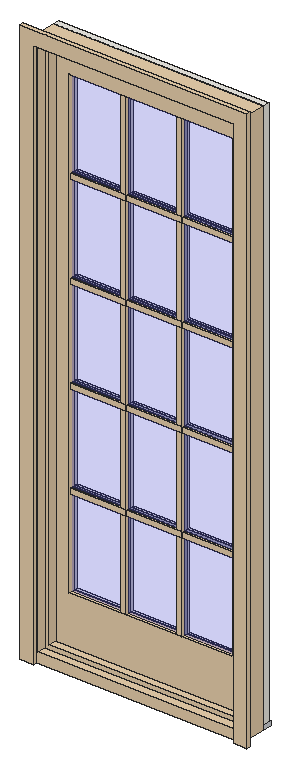
Revit family "Door-Inswing-Andersen-A_Series-Sidelight 2", category Doors, host Wall, Revit 2013
Parameters
  Visual Light Transmittance = 0.34  # constant formula
  Type Comments = "Fiberglass-clad and Flexacron finished wood sidelight"  # constant formula
  Thermal Resistance (R) = 0.58703  # 3.3333 (h·ft²·°F)/BTU
  Solar Heat Gain Coefficient = 0.15  # constant formula
  Rough Width = Width + (Rough Opening Offset * 2)  # 3' - 0 3/4"
  Rough Height = if(1 > 0, Height + 0' 0 1/2", 0' 0")  # 8' - 0 1/2"
  Learn About These Parameters = "http://www.andersenwindows.com/for-professionals/cad-symbols-bim-support-window-doors/bim-support"
  Heat Transfer Coefficient (U) = 1.7035  # 0.3000 BTU/(h·ft²·°F)
  Grille Bar Sizes = "3/4'', 7/8'', 1 1/8'', 2 1/4''"  # constant formula
  Between Glass Grille Bar Sizes = "3/4'', 1''"  # constant formula
  Interior Trim Visibility = yes
  Grille Bar Size = 0' - 0 7/8"
  Enter Pattern Number = 1
  Analytic Construction = "<None>"
  ..Pattern Number 1 = "Colonial"  # constant formula
  . . Lights Wide = 3
  . . Lights High = 5
  ..Pattern Number 2 = "Modified Colonial"  # constant formula
  ..Pattern Number 3 = "Prairie"  # constant formula
  ..Pattern Number 4 = "Short Fractional"  # constant formula
  ..Pattern Number 5 = "Tall Fractional"  # constant formula
  Extension Jamb Visibility = yes
  Enter Exterior Trim Number = 0
  ..Exterior Trim Number 0 = "No Exterior Trim"  # constant formula
  ..Exterior Trim Number 1 = "Brick Mould"  # constant formula
  ..Exterior Trim Number 2 = "3 1/2'' Flat Casing"  # constant formula
  ..Exterior Trim Number 3 = "4 1/2'' Flat Casing"  # constant formula
  Interior Grille Bar Visibility = yes
  Exterior Grille Bar Visibility = yes
  Between Glass Grille Bar Visibility = yes
  xjamb Visibility [instance] = and(Extension Jamb Visibility, Wall Depth > 0' 4 9/16")  # no
  xjamb S1 [instance] = if(Wall Depth < 0' 4 5/8", 0' 0 1/16", 0' 0")  # 0' - 0 1/16"
  casingS2 = if(Enter Exterior Trim Number = 1, 0' 0 3/16", 0' 0 3/16")  # 0' - 0 3/16"
  casingS1 = if(Enter Exterior Trim Number = 1, 0' 0 7/16", 0' 0 3/16")  # 0' - 0 3/16"
  casing4 = if(Enter Exterior Trim Number = 1, 0' 1 3/4", if(Enter Exterior Trim Number = 2, 0' 3 1/4", 0' 4 1/4"))  # 0' - 4 1/4"
  casing3 = 0' - 0 1/2"  # constant formula
  casing2 = 0' - 0 7/8"  # constant formula
  casing1 = 0' - 0 1/4"  # constant formula
  Wall Thickness [instance] = 0' - 8"
  Wall Depth [instance] = 0' - 4 9/16"
  Void Offset 1 [instance] = if(Enter Exterior Trim Number > 0, casing4, 0' 0")  # 0' - 0"
  Void Depth [instance] = if(Wall Thickness > Wall Depth, 0' 1" + Wall Thickness - Wall Depth, 0' 1")  # 0' - 4 7/16"
  VGB DLO = if(Enter Pattern Number = 3, 0' 4", (H DLO - (Grille Bar Size * (V Bars))) / if(LWide > 2, LWide, 3))  # 0' - 8.79167"
  V Bars = if(Enter Pattern Number = 3, 2, if(LWide > 2, LWide - 1, 2))  # 2
  URL = "www.andersenwindows.com"
  TS V DLO = Height - HGO - SGO  # 6' - 7 7/8"
  TS V Bar Length = if(or(Enter Pattern Number = 5, Enter Pattern Number = 2), ((((Height - HGO - SGO - (Grille Bar Size * (Fractional Lights High - 1))) / Fractional Lights High)) * TFL) + (TFB * Grille Bar Size), if(Enter Pattern Number = 4, ((Height - HGO - SGO - (Grille Bar Size * (Fractional Lights High - 1))) / Fractional Lights High), Height - HGO - SGO))  # 6' - 7 7/8"
  TS SH DLO = if(or(Enter Pattern Number = 5, Enter Pattern Number = 2), ((((Height - HGO - SGO - (Grille Bar Size * (Fractional Lights High - 1))) / Fractional Lights High)) * TFL) + (TFB * Grille Bar Size) + HGO + (Grille Bar Size / 2), if(Enter Pattern Number = 4, TS V Bar Length + HGO + (Grille Bar Size / 2), (TS V DLO / 2) + HGO))  # 3' - 9 9/16"
  TS S V = or(and(LWide = 2, Enter Pattern Number = 1), and(Fractional Lights Wide = 2, or(or(Enter Pattern Number = 2, Enter Pattern Number = 4), Enter Pattern Number = 5)))  # no
  TS S H Craftsman = and(Enter Pattern Number = 2, or(Fractional Lights High = 4, Fractional Lights High = 5))  # no
  TS S H = or(or(or(and(. . Lights High = 2, Enter Pattern Number = 1), and(Enter Pattern Number = 4, Fractional Lights High > 1)), and(Enter Pattern Number = 5, Fractional Lights High > 1)), and(Enter Pattern Number = 2, Fractional Lights High > 1))  # no
  TS M V = or(or(or(or(or(and(LWide > 2, Enter Pattern Number = 1), and(LWide > 2, Enter Pattern Number = 2)), Enter Pattern Number = 3), Enter Pattern Number = 4), Enter Pattern Number = 5), and(LWide > 2, Enter Pattern Number = 6))  # yes
  TS M H = or(or(Enter Pattern Number = 3, and(. . Lights High > 2, Enter Pattern Number = 1)), and(Enter Pattern Number = 2, Fractional Lights High > 5))  # yes
  TS HGB DLO = if(Enter Pattern Number = 1, if(. . Lights High > 2, ((TS V Bar Length - (Grille Bar Size * (. . Lights High - 1))) / . . Lights High), 0' 4"), if(Enter Pattern Number = 3, 0' 4", if(Fractional Lights High > 2, ((TS V Bar Length - (Grille Bar Size * 2)) / 3), 0' 4")))  # 1' - 3.275"
  TS H Bars = if(Enter Pattern Number = 3, 2, if(Enter Pattern Number = 1, if(. . Lights High > 2, . . Lights High - 1, 2), 2))  # 4
  TFL = if(Fractional Lights High > 5, 3, if(or(Fractional Lights High = 4, Fractional Lights High = 5), 2, if(or(Fractional Lights High = 2, Fractional Lights High = 3), 1, 1)))  # 3
  TFB = TFL - 1  # 2
  Sill Interior Offset [instance] = 0' - 0"  # constant formula
  Sill Height [instance] = 0' - 1 11/16"  # constant formula
  Rough Opening Offset = 0' - 0 3/8"
  Panel Bottom Inset [instance] = 0' - 1 7/8"  # constant formula
  Sill Depth [instance] = 0' - 6 7/32"  # constant formula
  SGO = 0' - 10 1/2"  # constant formula
  Product Documentation Link = "http://www.andersenwindows.com/products/a-series-hinged-patio-door/"
  Panel Width = Width - 0' 1 3/16" - 0' 1 3/16"  # 2' - 9 5/8"
  Panel Height [instance] = CTRL Height - 0' 1 3/16" - Panel Bottom Inset  # 7' - 8 15/16"
  Nail Fin Visibility = Enter Exterior Trim Number = 0  # yes
  Model = "A-Series"  # constant formula
  Masonry Width = if(Enter Exterior Trim Number > 0, Width + ((casing4 + Masonry Opening Offset) * 2), Width + (Masonry Opening Offset * 2))  # 3' - 0 3/4"
  Masonry Opening Offset = 0' - 0 3/8"
  Masonry Height = if(Enter Exterior Trim Number > 0, Height + (casing4 + 0' 0 1/2"), Height + 0' 0 1/2")  # 8' - 0 1/2"
  Manufacturer = "Andersen Corporation"  # constant formula
  LWide = if(Enter Pattern Number = 3, 3, if(Enter Pattern Number = 1, . . Lights Wide, Fractional Lights Wide))  # 3
  JGO = 0' - 3 15/16"  # constant formula
  Is Outswing = 1 = 1  # yes
  Interior Unit Finish = Wood - Andersen - Pine
  Interior Trim Size = 0' - 2 1/4"
  HGO = 0' - 5 5/8"  # constant formula
  H DLO = Width - (JGO * 2)  # 2' - 4 1/8"
  Glazing Material = Glass ‐ Andersen - Low-E4 SmartSun
  Function = Exterior
  Height = 8' - 0"
  Wall Closure = By host
  Width = 3' - 0"
  Frame Interior Inset [instance] = 0' - 0"  # constant formula
  Frame Depth [instance] = 0' - 5 7/8"  # constant formula
  Fractional Lights Wide = 4
  Fractional Lights High = 6
  Family Version = "01.01.15"  # constant formula
  Exterior Unit Finish = Fiberglass - Andersen - White
  Exterior Trim Finish = Fibrex Composite - Andersen - White
  Designation = "FWSLD"
  Description = "Fiberglass-clad and Flexacron finished wood sidelight door"  # constant formula
  Coarse Plan [instance] = if(Wall Depth > Wall Thickness, Wall Thickness, Wall Depth)  # 0' - 4 9/16"
  Casing Visibility [instance] = Enter Exterior Trim Number > 0  # no
  CTRL Height [instance] = Height  # 8' - 0"
  Between Glass Grille Bar Finish = Stainless Steel - Andersen - Standard
  BS V DLO = Height - HGO - SGO  # 6' - 7 7/8"
  BS SH DLO = if(Enter Pattern Number = 5, SGO + 0' 4" + (Grille Bar Size / 2), (BS V DLO / 2) + SGO)  # 4' - 2 7/16"
  BS S V = and(LWide = 2, Enter Pattern Number = 1)  # no
  BS M V = or(or(and(LWide > 2, Enter Pattern Number = 1), Enter Pattern Number = 3), Enter Pattern Number = 5)  # yes
  Assembly Code = "B2030100"
Reference planes (in)
  plane 1 "Center (Front/Back)": y = 0
  plane 2 "Center (Left/Right)": x = 0
  plane 3 "R Frame": x = -18
  plane 4 "L Frame": x = 18
  plane 5 "T Frame": z = 96
  plane 6 "Wall S1": y = 4
  plane 7 "Wall S2": y = -4
  plane 8 "Interior Casing": y = -4.625
  plane 9 "Frame S2": y = -4
  plane 10 "Flange": y = 0.5625
  plane 11 "Casing S2": y = 2.0625
  plane 12 "Casing S1": y = 2.0625
  plane 13 "Exterior Offset": y = 5
  plane 14 "Coarse Detail Plan": y = 43
  plane 15 "R Rough Opening": x = -18.375
  plane 16 "R Casing 1": x = -17.75
  plane 17 "R Casing 2": x = -21.375
  plane 18 "R Casing 3": x = -21.75
  plane 19 "R Casing 4": x = -22.25
  plane 20 "R Masonry Opening": x = -18.375
  plane 21 "L Masonry Opening": x = 18.375
  plane 22 "L Casing 4": x = 22.25
  plane 23 "L Casing 3": x = 21.75
  plane 24 "L Casing 2": x = 21.375
  plane 25 "L Casing 1": x = 17.75
  plane 26 "L Rough Opening": x = 18.375
  plane 27 "T Rough Opening": z = 96.5
  plane 28 "T Casing 1": z = 95.75
  plane 29 "T Casing 2": z = 99.375
  plane 30 "T Casing 3": z = 99.75
  plane 31 "T Casing 4": z = 100.25
  plane 32 "T Masonry Opening": z = 96.5
  plane 33 "R Int Casing": x = -19.5
  plane 34 "R Xjamb 2": x = -17.875
  plane 35 "R Ext Frame": x = -17.434
  plane 36 "L Int Casing": x = 19.5
  plane 37 "L Xjamb 2": x = 17.875
  plane 38 "L Ext Frame": x = 17.434
  plane 39 "T Int Casing": z = 97.684
  plane 40 "T Xjamb 2": z = 95.875
  plane 41 "T Ext Frame": z = 95.434
  plane 42 "L Panel": x = 16.828
  plane 43 "R Panel": x = -16.828
  plane 44 "T Panel": z = 94.828
  plane 45 "B Panel": z = 1.8905
  plane 46 "B Glazing": z = 10.5
  plane 47 "T Glazing": z = 90.375
  plane 48 "L Glazing": x = 14.0625
  plane 49 "R Glazing": x = -14.0625
  plane 50 "Panel1 S1": y = 0.7285
  plane 51 "Panel1 S2": y = -0.9905
  plane 52 "Xjamb S1": y = -3.9375
  plane 53 "Frame S1": y = 1.875
  plane 54 "Stop Exterior": y = 45.987
  plane 55 "L Stop": x = 16.305
  plane 56 "R Stop": x = -16.305
  plane 57 "T Stop": z = 94.305
  plane 58 "Sill Height": z = 1.6875
  plane 59 "Glass1 S1": y = 0.31559
  plane 60 "Glass1 S3": y = -0.3255
  plane 61 "Glass1 S2": y = 0.19059
  plane 62 "Glass1 S4": y = -0.4505
  plane 63 "Vert Bar length": z = 10.5
  plane 64 "L Xjamb 1": x = 17.25
  plane 65 "R Xjamb S1": x = -17.25
  plane 66 "T Xjamb S1": z = 95.25
  plane 67 "R Int Frame": x = -16.984
  plane 68 "L Int Frame": x = 16.984
  plane 69 "Frame S1.1": y = 1.1415
  plane 70 "Int Stop": y = -2.4175
  plane 71 "T Int Frame": z = 94.984
  plane 72 "B Ext Frame": z = 0.748
  plane 73 "B Stop": z = 2.382
  plane 74 "Sill S1": y = 2.205
Forms (in)
  Extrusion 1, void
    sketch origin (0, 0, 0) x (1, 0, 0) y (0, 0, 1)
      loop
        line (18, 96) -> (-18, 96) -> (-18, 0) -> (18, 0) -> (18, 96)
    from -0.5625 to 4
  Extrusion 2, void
    sketch origin (0, 0, 0) x (1, 0, 0) y (0, 0, 1)
      loop
        line (18, 96) -> (-18, 96) -> (-18, 0) -> (18, 0) -> (18, 96)
    from -30 to -0.5625
  Sweep 3, solid, material "Fibrex Composite - Andersen - White" <- "Exterior Trim Finish", visible <- "Casing Visibility", detail levels medium+fine
    path origin (0, 0.5625, 0) x (-1, 0, 0) y (0, 0, 1)
      loop
        line (-22.25, 0) -> (-22.25, 100.25) -> (22.25, 100.25) -> (22.25, 0)
    profile origin (22.25, 0.5625, 50.125) x (1, 0, 0) y (0, 1, 0)
      loop
        line (-0.875, 1.5) -> (-4.5, 1.5) -> (-4.5, 0) -> (0, 0) -> (0, 1.5) -> (-0.5, 1.5) -> (-0.875, 1.5)
  Extrusion 4, solid, material "Fibrex Composite - Andersen - White" <- "Exterior Trim Finish", visible <- "Casing Visibility", detail levels coarse
    sketch origin (0, 0.5625, 0) x (-1, 0, 0) y (0, 0, 1)
      loop
        line (-17.75, 95.75) -> (17.75, 95.75) -> (17.75, 0) -> (22.25, 0) -> (22.25, 100.25) -> (-22.25, 100.25) -> (-22.25, 0) -> (-17.75, 0) -> (-17.75, 95.75)
    from 0 to 1.4375
  Extrusion 5, solid, material "Wood - Andersen - Pine" <- "Interior Unit Finish", visible <- "Interior Trim Visibility", detail levels fine
    sketch origin (0, 0, 0) x (1, 0, 0) y (0, 0, 1)
      loop
        line (-17.25, 95.25) -> (17.25, 95.25) -> (17.25, 0) -> (19.5, 0) -> (19.5, 97.684) -> (-19.5, 97.684) -> (-19.5, 0) -> (-17.25, 0) -> (-17.25, 95.25)
    from 4 to 4.625
  Extrusion 6, solid, material "Wood - Andersen - Pine" <- "Interior Unit Finish", visible <- "xjamb Visibility", detail levels medium+fine
    sketch origin (0, 0, 0) x (1, 0, 0) y (0, 0, 1)
      loop
        line (-17.875, 0) -> (-17.25, 0) -> (-17.25, 95.25) -> (17.25, 95.25) -> (17.25, 0) -> (17.875, 0) -> (17.875, 95.875) -> (-17.875, 95.875) -> (-17.875, 0)
    from 3.9375 to 4
  Sweep 7, void
    path origin (4.25, 0.5625, 0) x (-1, 0, 0) y (0, 0, 1)
      loop
        line (4.25, 0) -> (4.25, 10.5)
    profile origin (0, 0.5625, 5.25) x (1, 0, 0) y (0, 1, 0)
      loop
        line (18, 0.579) -> (18, 1.3125) -> (17.434, 1.3125) -> (17.434, 0.579) -> (18, 0.579)
      loop
        line (-18, 0.579) -> (-17.434, 0.579) -> (-17.434, 1.3125) -> (-18, 1.3125) -> (-18, 0.579)
  Sweep 8, solid, material "Fiberglass - Andersen - White" <- "Exterior Unit Finish", detail levels medium+fine
    path in 3D
      loop
        line (18, 0.5625, 0) -> (18, 0.5625, 96) -> (-18, 0.5625, 96) -> (-18, 0.5625, 0)
    profile origin (18, 0.5625, 48) x (1, 0, 0) y (0, 1, 0)
      loop
        line (0, 1.3125) -> (-0.566, 1.3125) -> (-0.566, 0.579) -> (-1.695, 0.579) -> (-1.695, 0.166) -> (0, 0.166) -> (0, 1.3125)
  Sweep 9, solid, material "Wood - Andersen - Pine" <- "Interior Unit Finish", detail levels medium+fine
    path in 3D
      loop
        line (18, 0.5625, 0) -> (18, 0.5625, 96) -> (-18, 0.5625, 96) -> (-18, 0.5625, 0)
    profile origin (18, 0.5625, 48) x (1, 0, 0) y (0, 1, 0)
      loop
        line (-1.695, -1.553) -> (-1.695, -2.98) -> (-1.016, -2.98) -> (-1.016, -4.5625) -> (0, -4.5625) -> (0, 0.166) -> (-1.172, 0.166) -> (-1.172, -1.553) -> (-1.695, -1.553)
  Extrusion 10, solid, material "Fiberglass - Andersen - White" <- "Exterior Unit Finish"
    sketch origin (0, 0.5625, 0) x (-1, 0, 0) y (0, 0, 1)
      loop
        line (-16.828, 94.828) -> (-16.828, 1.8905) -> (16.828, 1.8905) -> (16.828, 94.828) -> (-16.828, 94.828)
      loop
        line (-14.0625, 90.375) -> (-14.0625, 10.5) -> (14.0625, 10.5) -> (14.0625, 90.375) -> (-14.0625, 90.375)
    from -0.24691 to 0.166
  Extrusion 11, solid, material "Wood - Andersen - Pine" <- "Interior Unit Finish"
    sketch origin (0, 0.5625, 0) x (-1, 0, 0) y (0, 0, 1)
      loop
        line (-16.828, 94.828) -> (-16.828, 1.8905) -> (16.828, 1.8905) -> (16.828, 94.828) -> (-16.828, 94.828)
      loop
        line (-14.0625, 90.375) -> (-14.0625, 10.5) -> (14.0625, 10.5) -> (14.0625, 90.375) -> (-14.0625, 90.375)
    from -1.553 to -0.24691
  Extrusion 12, solid, material "Glass ‐ Andersen - Low-E4 SmartSun" <- "Glazing Material"
    sketch origin (0, 0.5625, 0) x (-1, 0, 0) y (0, 0, 1)
      loop
        line (-14.0625, 90.375) -> (-14.0625, 10.5) -> (14.0625, 10.5) -> (14.0625, 90.375) -> (-14.0625, 90.375)
    from -1.013 to -0.24691
  Extrusion 13, solid, material "Fiberglass - Andersen - White" <- "Exterior Unit Finish", detail levels medium+fine
    sketch origin (0, 0, 0) x (0, 1, 0) y (0, 0, 1)
      loop
        line (1.1415, 2.382) -> (0.7285, 2.382) -> (0.7285, 0.748) -> (1.1415, 0.748) -> (1.1415, 2.382)
    from -18 to 18
  Extrusion 14, solid, detail levels medium+fine
    sketch origin (0, 0, 0) x (0, 1, 0) y (0, 0, 1)
      loop
        line (2.205, 0.748) -> (0.7285, 0.748) -> (0.7285, 0) -> (2.205, 0) -> (2.205, 0.748)
    from -18 to 18
  Extrusion 15, solid, material "Wood - Andersen - Pine" <- "Interior Unit Finish", detail levels medium+fine
    sketch origin (0, 0, 0) x (0, 1, 0) y (0, 0, 1)
      loop
        line (0.7285, 1.8905) -> (-0.9905, 1.8905) -> (-0.9905, 2.382) -> (-2.4175, 2.382) -> (-2.4175, 1.6875) -> (-4, 1.6875) -> (-4, 0) -> (0.7285, 0) -> (0.7285, 1.8905)
    from -18 to 18
  Extrusion 16, solid, material "Fiberglass - Andersen - White" <- "Exterior Unit Finish", detail levels coarse
    sketch origin (0, 0.5625, 0) x (-1, 0, 0) y (0, 0, 1)
      loop
        line (-18, 96) -> (-18, 1.8905) -> (-16.305, 1.8905) -> (-16.305, 94.305) -> (16.305, 94.305) -> (16.305, 1.8905) -> (18, 1.8905) -> (18, 96) -> (-18, 96)
    from 0.166 to 1.3125
  Extrusion 17, solid, material "Wood - Andersen - Pine" <- "Interior Unit Finish", detail levels coarse
    sketch origin (0, 0.5625, 0) x (-1, 0, 0) y (0, 0, 1)
      loop
        line (18, 96) -> (-18, 96) -> (-18, 0) -> (18, 0) -> (18, 96)
      loop
        line (16.305, 94.305) -> (-16.305, 94.305) -> (-16.305, 2.382) -> (16.305, 2.382) -> (16.305, 94.305)
    from -4.5625 to -1.553
  Extrusion 18, solid, detail levels coarse
    sketch origin (0, 0.5625, 0) x (-1, 0, 0) y (0, 0, 1)
      loop
        line (-18, 1.8905) -> (-18, 0) -> (18, 0) -> (18, 1.8905) -> (-18, 1.8905)
    from 0.166 to 1.3125
Cuts and joins
  joined: Sweep 9, Extrusion 15
  joined: Sweep 8, Extrusion 13
Lines and regions (in)
  Masking region 1, visible <- "Casing Visibility"
    outline origin (0, 0, 0) x (0, 1, 0) y (0, 0, 1)
      loop
        line (0.5625, 96) -> (1.875, 96) -> (1.875, 0) -> (2.0625, 0) -> (2.0625, 100.25) -> (0.5625, 100.25) -> (0.5625, 96)
  Masking region 2
    outline origin (0, 0, 0) x (0, 1, 0) y (0, 0, 1)
      loop
        line (1.875, 96) -> (-4, 96) -> (-4, 0) -> (2.205, 0) -> (2.205, 0.748) -> (1.875, 0.748) -> (1.875, 96)
  Masking region 3, visible <- "Casing Visibility", detail levels fine
    outline origin (0, 0, 0) x (1, 0, 0) y (0, 1, 0)
      loop
        line (-21.75, 2.0625) -> (-22.25, 2.0625) -> (-22.25, 0.5625) -> (-18, 0.5625) -> (-18, 1.875) -> (-17.75, 1.875) -> (-17.75, 2.0625) -> (-21.375, 2.0625) -> (-21.75, 2.0625)
  Masking region 4, visible <- "Casing Visibility", detail levels fine
    outline origin (0, 0, 0) x (1, 0, 0) y (0, 1, 0)
      loop
        line (21.75, 2.0625) -> (21.375, 2.0625) -> (17.75, 2.0625) -> (17.75, 1.875) -> (18, 1.875) -> (18, 0.5625) -> (22.25, 0.5625) -> (22.25, 2.0625) -> (21.75, 2.0625)
  Masking region 5, visible <- "Casing Visibility", detail levels coarse+medium
    outline origin (0, 0, 0) x (1, 0, 0) y (0, 1, 0)
      loop
        line (-22.25, 2.0625) -> (-22.25, 0.5625) -> (-18, 0.5625) -> (-18, 2.0625) -> (-22.25, 2.0625)
  Masking region 6, visible <- "Casing Visibility", detail levels coarse+medium
    outline origin (0, 0, 0) x (1, 0, 0) y (0, 1, 0)
      loop
        line (18, 2.0625) -> (18, 0.5625) -> (22.25, 0.5625) -> (22.25, 2.0625) -> (18, 2.0625)
  Masking region 7, visible <- "Casing Visibility"
    outline origin (0, 2.625, 0) x (-1, 0, 0) y (0, 0, 1)
      loop
        line (-22.25, 100.25) -> (-22.25, 0) -> (-18, 0) -> (-18, 96) -> (18, 96) -> (18, 0) -> (22.25, 0) -> (22.25, 100.25) -> (-22.25, 100.25)
  Masking region 8, visible <- "Interior Trim Visibility", detail levels fine
    outline origin (0, -4.625, 0) x (-1, 0, 0) y (0, 0, 1)
      loop
        line (-19.5, 97.684) -> (-19.5, 0) -> (-17.25, 0) -> (-17.25, 95.25) -> (17.25, 95.25) -> (17.25, 0) -> (19.5, 0) -> (19.5, 97.684) -> (-19.5, 97.684)
  Masking region 9
    outline origin (0, 1.1415, 0) x (-1, 0, 0) y (0, 0, 1)
      loop
        line (-18, 96) -> (-18, 0) -> (18, 0) -> (18, 96) -> (-18, 96)
      loop
        line (-16.305, 94.305) -> (-16.305, 2.382) -> (16.305, 2.382) -> (16.305, 94.305) -> (-16.305, 94.305)
  Masking region 10, not visible
    outline origin (0, 0.5625, 0) x (-1, 0, 0) y (0, 0, 1)
      loop
        line (-16.828, 94.828) -> (-16.828, 1.8905) -> (16.828, 1.8905) -> (16.828, 94.828) -> (-16.828, 94.828)
  Masking region 11, visible <- "Interior Trim Visibility", detail levels fine
    outline origin (0, 0, 0) x (1, 0, 0) y (0, 1, 0)
      loop
        line (-19.5, -4) -> (-19.5, -4.625) -> (-17.25, -4.625) -> (-17.25, -4) -> (-19.5, -4)
  Masking region 12, visible <- "xjamb Visibility", detail levels medium+fine
    outline origin (0, 0, 0) x (1, 0, 0) y (0, 1, 0)
      loop
        line (-17.875, -3.9375) -> (-17.875, -4) -> (-17.25, -4) -> (-17.25, -3.9375) -> (-17.875, -3.9375)
  Masking region 13, visible <- "Interior Trim Visibility", detail levels fine
    outline origin (0, 0, 0) x (1, 0, 0) y (0, 1, 0)
      loop
        line (17.25, -4) -> (17.25, -4.625) -> (19.5, -4.625) -> (19.5, -4) -> (17.25, -4)
  Masking region 14, visible <- "xjamb Visibility", detail levels medium+fine
    outline origin (0, 0, 0) x (1, 0, 0) y (0, 1, 0)
      loop
        line (17.25, -3.9375) -> (17.25, -4) -> (17.875, -4) -> (17.875, -3.9375) -> (17.25, -3.9375)
  Masking region 15, visible <- "xjamb Visibility", detail levels medium+fine
    outline origin (0, 0, 0) x (0, 1, 0) y (0, 0, 1)
      loop
        line (-3.9375, 95.875) -> (-4, 95.875) -> (-4, 0) -> (-3.9375, 0) -> (-3.9375, 95.875)
  Masking region 16, visible <- "Interior Trim Visibility", detail levels fine
    outline origin (0, 0, 0) x (0, 1, 0) y (0, 0, 1)
      loop
        line (-4, 97.684) -> (-4.625, 97.684) -> (-4.625, 0) -> (-4, 0) -> (-4, 97.684)
  Masking region 17
    outline origin (0, 0, 0) x (1, 0, 0) y (0, 1, 0)
      loop
        line (-18, 1.875) -> (-18, -4) -> (18, -4) -> (18, 1.875) -> (-18, 1.875)
  symbolic lines, style "DoorsFrameMullionProjection", visible <- "Casing Visibility", detail levels medium+fine
    curve 1: line (0, 2.0625, 99.75) -> (0, 2.0625, 99.375)
    curve 2: line (0, 2.0625, 99.375) -> (0, 2.0625, 95.75)
    curve 3: line (0, 2.0625, 95.75) -> (0, 1.875, 95.75)
  symbolic lines, style "DoorsFrameMullionProjection", detail levels coarse
    curve 4: line (0, 1.875, 96) -> (0, 2.0625, 96)
    curve 202: line (-16.305, 1.875, 0) -> (-16.305, -4, 0)
    curve 203: line (16.305, 1.875, 0) -> (16.305, -4, 0)
  symbolic lines, style "DoorsFrameMullionProjection", detail levels medium+fine
    curve 5: line (17.434, 1.875, 95.434) -> (17.434, 1.875, 0.748)
    curve 6: line (-16.984, -4, 94.984) -> (-16.984, -4, 1.6875)
    curve 7: line (16.984, -4, 94.984) -> (16.984, -4, 1.6875)
    curve 8: line (-16.984, -4, 94.984) -> (16.984, -4, 94.984)
    curve 9: line (-17.434, 1.875, 95.434) -> (17.434, 1.875, 95.434)
    curve 118: line (-19.55, 0.5625, 0) -> (-18, 0.5625, 0)
    curve 157: line (19.55, 0.5625, 0) -> (18, 0.5625, 0)
    curve 206: line (-17.434, 1.875, 95.434) -> (-17.434, 1.875, 0.748)
    curve 207: line (-17.434, 1.875, 0.748) -> (17.434, 1.875, 0.748)
    curve 208: line (-16.984, -4, 1.6875) -> (16.984, -4, 1.6875)
  symbolic lines, style "DoorsFrameMullionProjection", visible <- "Nail Fin Visibility", detail levels medium+fine
    curve 10: line (19.625, 0.5625, 0) -> (18, 0.5625, 0)
    curve 11: line (0, 0.5625, 96.34025) -> (0, 0.5625, 96)
  symbolic lines, style "DoorsGlassProjection", not visible, detail levels fine
    curve 12: line (0, -19.76311, 14.17303) -> (0, -19.24701, 14.17303)
    curve 13: line (0, -19.76311, 13.54803) -> (0, -19.76311, 14.29803)
    curve 14: line (0, -19.24701, 13.54803) -> (0, -19.24701, 14.29803)
    curve 18: line (0, -8.19028, 66.94059) -> (0, -7.67418, 66.94059)
    curve 19: line (0, -8.19028, 67.56559) -> (0, -8.19028, 66.80059)
    curve 20: line (0, -7.67418, 67.56559) -> (0, -7.67418, 66.80059)
    curve 25: line (24.75012, 9.30886, 0) -> (23.98462, 9.30886, 0)
    curve 26: line (23.98462, 9.82495, 0) -> (24.75012, 9.82495, 0)
    curve 27: line (24.10962, 9.82495, 0) -> (24.10962, 9.30886, 0)
  symbolic lines, style "DoorsGlassProjection", detail levels fine
    curve 15: line (0, -0.3255, 10.375) -> (0, 0.19059, 10.375)
    curve 16: line (0, -0.3255, 9.75) -> (0, -0.3255, 10.5)
    curve 17: line (0, 0.19059, 9.75) -> (0, 0.19059, 10.5)
    curve 21: line (0, -0.3255, 10.5) -> (0, -0.3255, 90.375)
    curve 22: line (0, 0.19059, 10.5) -> (0, 0.19059, 90.375)
    curve 28: line (-14.828, -0.3255, 0) -> (-14.0625, -0.3255, 0)
    curve 29: line (-14.0625, 0.19059, 0) -> (-14.828, 0.19059, 0)
    curve 30: line (-14.1875, 0.19059, 0) -> (-14.1875, -0.3255, 0)
    curve 31: line (14.0625, 0.19059, 0) -> (-14.0625, 0.19059, 0)
    curve 32: line (14.0625, -0.3255, 0) -> (-14.0625, -0.3255, 0)
    curve 41: line (0, -0.3255, 90.5) -> (0, 0.19059, 90.5)
    curve 42: line (0, -0.3255, 91.125) -> (0, -0.3255, 90.36)
    curve 43: line (0, 0.19059, 91.125) -> (0, 0.19059, 90.36)
    curve 154: line (14.828, -0.3255, 0) -> (14.0625, -0.3255, 0)
    curve 155: line (14.0625, 0.19059, 0) -> (14.828, 0.19059, 0)
    curve 156: line (14.1875, 0.19059, 0) -> (14.1875, -0.3255, 0)
  symbolic lines, style "DoorsGlassProjection"
    curve 23: line (0, -0.4505, 10.5) -> (0, -0.4505, 90.375)
    curve 24: line (0, 0.31559, 10.5) -> (0, 0.31559, 90.375)
  symbolic lines, style "DoorsGlassProjection", detail levels medium+fine
    curve 33: line (14.0625, 0.31559, 0) -> (-14.0625, 0.31559, 0)
    curve 34: line (14.0625, -0.4505, 0) -> (-14.0625, -0.4505, 0)
  symbolic lines, style "DoorsPanelProjection"
    curve 35: line (14.0625, 0.7285, 90.375) -> (-14.0625, 0.7285, 90.375)
    curve 36: line (14.0625, 0.7285, 10.5) -> (14.0625, 0.7285, 90.375)
    curve 37: line (-14.0625, 0.7285, 10.5) -> (14.0625, 0.7285, 10.5)
    curve 38: line (-14.0625, 0.7285, 90.375) -> (-14.0625, 0.7285, 10.5)
  symbolic lines, style "DoorsFrameMullionProjection", visible <- "xjamb Visibility", detail levels medium+fine
    curve 39: line (0, -3.9375, 95.25) -> (0, -4, 95.25)
  symbolic lines, style "DoorsFrameMullionProjection", visible <- "Interior Trim Visibility", detail levels fine
    curve 40: line (0, -4, 95.25) -> (0, -4.625, 95.25)
  symbolic lines, style "DoorsFrameMullionProjection"
    curve 44: line (0, 0.5625, 97.625) -> (0, 0.5625, 96)
    curve 45: line (0, -4.0005, 94.984) -> (0, 0.7285, 94.984)
    curve 46: line (0, -2.4175, 94.984) -> (0, -2.4175, 94.666)
    curve 47: line (0, -2.4175, 94.666) -> (0, -1.88292, 94.305)
    curve 48: line (0, -1.88292, 94.305) -> (0, -0.9905, 94.305)
    curve 49: line (0, 1.1415, 95.434) -> (0, 1.8745, 95.434)
    curve 50: line (0, 1.1415, 94.28184) -> (0, 1.1415, 95.434)
    curve 51: line (0, 0.8225, 94.172) -> (0, 1.1415, 94.28184)
    curve 52: line (0, 0.7285, 94.172) -> (0, 0.8225, 94.172)
    curve 53: line (0, 0.7285, 94.984) -> (0, 0.7285, 94.172)
    curve 54: line (0, 0.40434, 90.375) -> (0, 0.7285, 90.48508)
    curve 55: line (0, 0.31559, 90.375) -> (0, 0.40434, 90.375)
    curve 56: line (0, 0.31559, 91.125) -> (0, 0.31559, 90.375)
    curve 57: line (0, -0.9905, 91.125) -> (0, 0.31559, 91.125)
    curve 58: line (0, -0.5305, 90.375) -> (0, -0.4505, 90.375)
    curve 59: line (0, -0.9905, 90.766) -> (0, -0.5305, 90.375)
    curve 60: line (0, -0.4505, 90.375) -> (0, -0.4505, 91.125)
    curve 78: line (0, 0.729, 2.515) -> (0, 0.823, 2.515)
    curve 79: line (0, 0.823, 2.515) -> (0, 1.142, 2.40516)
    curve 80: line (0, 1.142, 2.40516) -> (0, 1.142, 0.80371)
    curve 81: line (0, 1.142, 0.80371) -> (0, 2.205, 0.748)
    curve 82: line (0, 2.205, 0.748) -> (0, 2.205, 0)
    curve 83: line (0, 2.205, 0) -> (0, -4, 0)
    curve 84: line (0, -4, 0) -> (0, -4, 1.6875)
    curve 85: line (0, -4, 1.6875) -> (0, 0.729, 1.6875)
    curve 86: line (0, -2.417, 1.6875) -> (0, -2.417, 2.021)
    curve 87: line (0, -2.417, 2.021) -> (0, -1.88242, 2.382)
    curve 88: line (0, -1.88242, 2.382) -> (0, -0.99, 2.382)
    curve 89: line (0, 0.729, 2.515) -> (0, 0.729, 1.6875)
    curve 90: line (0, -0.99, 1.6875) -> (0, -0.99, 2.382)
    curve 91: line (0, 0.40484, 10.5) -> (0, 0.729, 10.38992)
    curve 92: line (0, 0.31609, 10.5) -> (0, 0.40484, 10.5)
    curve 93: line (0, 0.31609, 9.75) -> (0, 0.31609, 10.5)
    curve 94: line (0, -0.9905, 9.75) -> (0, 0.31609, 9.75)
    curve 95: line (0, -0.45, 9.75) -> (0, -0.45, 10.5)
    curve 96: line (0, -0.45, 10.5) -> (0, -0.53, 10.5)
    curve 97: line (0, -0.53, 10.5) -> (0, -0.9905, 10.10858)
    curve 200: line (-16.305, 0.7285, 0) -> (16.305, 0.7285, 0)
    curve 201: line (-16.305, -0.9905, 0) -> (16.305, -0.9905, 0)
    curve 204: line (0, 0.7285, 94.305) -> (0, 0.7285, 2.382)
    curve 205: line (0, -0.9905, 94.984) -> (0, -0.9905, 2.382)
  symbolic lines, style "DoorsFrameMullionProjection", not visible
    curve 61: line (0, -7.30228, 74.06559) -> (0, -7.30228, 72.44059)
    curve 62: line (0, -11.86528, 71.42459) -> (0, -7.13628, 71.42459)
    curve 63: line (0, -10.28228, 71.42459) -> (0, -10.28228, 71.10659)
    curve 64: line (0, -10.28228, 71.10659) -> (0, -9.74769, 70.74559)
    curve 65: line (0, -9.74769, 70.74559) -> (0, -8.85528, 70.74559)
    curve 66: line (0, -6.72328, 71.87459) -> (0, -5.99028, 71.87459)
    curve 67: line (0, -6.72328, 70.72244) -> (0, -6.72328, 71.87459)
    curve 68: line (0, -7.04228, 70.61259) -> (0, -6.72328, 70.72244)
    curve 69: line (0, -7.13628, 70.61259) -> (0, -7.04228, 70.61259)
    curve 70: line (0, -7.13628, 71.42459) -> (0, -7.13628, 70.61259)
    curve 71: line (0, -7.46044, 66.81559) -> (0, -7.13628, 66.92568)
    curve 72: line (0, -7.54918, 66.81559) -> (0, -7.46044, 66.81559)
    curve 73: line (0, -7.54918, 67.56559) -> (0, -7.54918, 66.81559)
    curve 74: line (0, -8.85528, 67.56559) -> (0, -7.54918, 67.56559)
    curve 75: line (0, -8.39528, 66.81559) -> (0, -8.31528, 66.81559)
    curve 76: line (0, -8.85528, 67.20659) -> (0, -8.39528, 66.81559)
    curve 77: line (0, -8.31528, 66.81559) -> (0, -8.31528, 67.56559)
    curve 98: line (0, -18.70861, 6.31303) -> (0, -18.61461, 6.31303)
    curve 99: line (0, -18.61461, 6.31303) -> (0, -18.29561, 6.20319)
    curve 100: line (0, -18.29561, 6.20319) -> (0, -18.29561, 4.60174)
    curve 101: line (0, -18.29561, 4.60174) -> (0, -17.23261, 4.54603)
    curve 102: line (0, -17.23261, 4.54603) -> (0, -17.23261, 3.79803)
    curve 103: line (0, -17.23261, 3.79803) -> (0, -23.43761, 3.79803)
    curve 104: line (0, -23.43761, 3.79803) -> (0, -23.43761, 5.48553)
    curve 105: line (0, -23.43761, 5.48553) -> (0, -18.70861, 5.48553)
    curve 106: line (0, -21.85461, 5.48553) -> (0, -21.85461, 5.81903)
    curve 107: line (0, -21.85461, 5.81903) -> (0, -21.32003, 6.18003)
    curve 108: line (0, -21.32003, 6.18003) -> (0, -20.42761, 6.18003)
    curve 109: line (0, -18.70861, 6.31303) -> (0, -18.70861, 5.48553)
    curve 110: line (0, -20.42761, 5.48553) -> (0, -20.42761, 6.18003)
    curve 111: line (0, -19.03277, 14.29803) -> (0, -18.70861, 14.18794)
    curve 112: line (0, -19.12151, 14.29803) -> (0, -19.03277, 14.29803)
    curve 113: line (0, -19.12151, 13.54803) -> (0, -19.12151, 14.29803)
    curve 114: line (0, -20.42811, 13.54803) -> (0, -19.12151, 13.54803)
    curve 115: line (0, -19.88761, 13.54803) -> (0, -19.88761, 14.29803)
    curve 116: line (0, -19.88761, 14.29803) -> (0, -19.96761, 14.29803)
    curve 117: line (0, -19.96761, 14.29803) -> (0, -20.42811, 13.9066)
  symbolic lines, style "DoorsFrameMullionProjection", detail levels fine
    curve 119: line (-17.434, 1.1415, 0) -> (-17.434, 1.8745, 0)
    curve 120: line (-16.28184, 1.1415, 0) -> (-17.434, 1.1415, 0)
    curve 121: line (-16.172, 0.8225, 0) -> (-16.28184, 1.1415, 0)
    curve 122: line (-16.172, 0.7285, 0) -> (-16.172, 0.8225, 0)
    curve 123: line (-16.305, -1.88292, 0) -> (-16.305, -0.9905, 0)
    curve 124: line (-16.666, -2.4175, 0) -> (-16.305, -1.88292, 0)
    curve 125: line (-16.984, -2.4175, 0) -> (-16.666, -2.4175, 0)
    curve 126: line (-16.984, -4.0005, 0) -> (-16.984, 0.7285, 0)
    curve 127: line (-14.18808, 0.7285, 0) -> (-16.984, 0.7285, 0)
    curve 128: line (-16.984, -0.9905, 0) -> (-14.469, -0.9905, 0)
    curve 129: line (-14.0625, 0.3587, 0) -> (-14.18808, 0.7285, 0)
    curve 130: line (-14.0625, 0.31559, 0) -> (-14.0625, 0.3587, 0)
    curve 131: line (-14.828, 0.31559, 0) -> (-14.0625, 0.31559, 0)
    curve 132: line (-14.828, -0.9905, 0) -> (-14.828, 0.31559, 0)
    curve 133: line (-14.828, -0.4505, 0) -> (-14.0625, -0.4505, 0)
    curve 134: line (-14.0625, -0.51226, 0) -> (-14.469, -0.9905, 0)
    curve 135: line (-14.0625, -0.4505, 0) -> (-14.0625, -0.51226, 0)
    curve 158: line (17.434, 1.1415, 0) -> (17.434, 1.8745, 0)
    curve 159: line (16.28184, 1.1415, 0) -> (17.434, 1.1415, 0)
    curve 160: line (16.172, 0.8225, 0) -> (16.28184, 1.1415, 0)
    curve 161: line (16.172, 0.7285, 0) -> (16.172, 0.8225, 0)
    curve 162: line (16.305, -1.88292, 0) -> (16.305, -0.9905, 0)
    curve 163: line (16.666, -2.4175, 0) -> (16.305, -1.88292, 0)
    curve 164: line (16.984, -2.4175, 0) -> (16.666, -2.4175, 0)
    curve 165: line (16.984, -4.0005, 0) -> (16.984, 0.7285, 0)
    curve 166: line (14.18808, 0.7285, 0) -> (16.984, 0.7285, 0)
    curve 167: line (16.984, -0.9905, 0) -> (14.469, -0.9905, 0)
    curve 168: line (14.0625, 0.3587, 0) -> (14.18808, 0.7285, 0)
    curve 169: line (14.0625, 0.31559, 0) -> (14.0625, 0.3587, 0)
    curve 170: line (14.828, 0.31559, 0) -> (14.0625, 0.31559, 0)
    curve 171: line (14.828, -0.9905, 0) -> (14.828, 0.31559, 0)
    curve 172: line (14.828, -0.4505, 0) -> (14.0625, -0.4505, 0)
    curve 173: line (14.0625, -0.51226, 0) -> (14.469, -0.9905, 0)
    curve 174: line (14.0625, -0.4505, 0) -> (14.0625, -0.51226, 0)
  symbolic lines, style "DoorsFrameMullionProjection", not visible, detail levels medium+fine
    curve 136: line (29.47212, 10.19686, 0) -> (27.92212, 10.19686, 0)
  symbolic lines, style "DoorsFrameMullionProjection", not visible, detail levels fine
    curve 137: line (27.35612, 10.77586, 0) -> (27.35612, 11.50886, 0)
    curve 138: line (26.20396, 10.77586, 0) -> (27.35612, 10.77586, 0)
    curve 139: line (26.09412, 10.45686, 0) -> (26.20396, 10.77586, 0)
    curve 140: line (26.09412, 10.36286, 0) -> (26.09412, 10.45686, 0)
    curve 141: line (26.22712, 7.75144, 0) -> (26.22712, 8.64386, 0)
    curve 142: line (26.58812, 7.21686, 0) -> (26.22712, 7.75144, 0)
    curve 143: line (26.90612, 7.21686, 0) -> (26.58812, 7.21686, 0)
    curve 144: line (26.90612, 5.63386, 0) -> (26.90612, 10.36286, 0)
    curve 145: line (24.1102, 10.36286, 0) -> (26.90612, 10.36286, 0)
    curve 146: line (26.90612, 8.64386, 0) -> (24.39112, 8.64386, 0)
    curve 147: line (23.98462, 9.99306, 0) -> (24.1102, 10.36286, 0)
    curve 148: line (23.98462, 9.94995, 0) -> (23.98462, 9.99306, 0)
    curve 149: line (24.75012, 9.94995, 0) -> (23.98462, 9.94995, 0)
    curve 150: line (24.75012, 8.64386, 0) -> (24.75012, 9.94995, 0)
    curve 151: line (24.75012, 9.18386, 0) -> (23.98462, 9.18386, 0)
    curve 152: line (23.98462, 9.12209, 0) -> (24.39112, 8.64386, 0)
    curve 153: line (23.98462, 9.18386, 0) -> (23.98462, 9.12209, 0)
  symbolic lines, style "DoorsFrameMullionProjection", detail levels medium
    curve 175: line (-17.434, 1.875, 0) -> (-17.434, 1.1415, 0)
    curve 176: line (-17.434, 1.1415, 0) -> (-16.305, 1.1415, 0)
    curve 177: line (-16.305, 1.1415, 0) -> (-16.305, -2.4175, 0)
    curve 178: line (-16.305, -2.4175, 0) -> (-16.984, -2.4175, 0)
    curve 179: line (-16.984, -2.4175, 0) -> (-16.984, -4, 0)
    curve 180: line (-16.305, 0.7285, 0) -> (-14.0625, 0.7285, 0)
    curve 181: line (-14.0625, 0.7285, 0) -> (-14.0625, -0.9905, 0)
    curve 182: line (-14.0625, -0.9905, 0) -> (-16.305, -0.9905, 0)
    curve 183: line (17.434, 1.875, 0) -> (17.434, 1.1415, 0)
    curve 184: line (17.434, 1.1415, 0) -> (16.305, 1.1415, 0)
    curve 185: line (16.305, 1.1415, 0) -> (16.305, -2.4175, 0)
    curve 186: line (16.305, -2.4175, 0) -> (16.984, -2.4175, 0)
    curve 187: line (16.984, -2.4175, 0) -> (16.984, -4, 0)
    curve 188: line (16.305, 0.7285, 0) -> (14.0625, 0.7285, 0)
    curve 189: line (14.0625, 0.7285, 0) -> (14.0625, -0.9905, 0)
    curve 190: line (14.0625, -0.9905, 0) -> (16.305, -0.9905, 0)
  model lines, style "InvisibleLines"
    curve 191: line (18, 0.5625, 0) -> (18, 0.5625, 96)
    curve 193: line (-18, 0.5625, 96) -> (-18, 0.5625, 0)
  model lines, style "InvisibleLines", detail levels fine
    curve 192: line (18, 0.5625, 96) -> (-18, 0.5625, 96)
  sketch lines
    curve 194: line (18, 0.5625, 0) -> (18, 0.5625, 96)
    curve 195: line (18, 0.5625, 96) -> (-18, 0.5625, 96)
    curve 196: line (-18, 0.5625, 96) -> (-18, 0.5625, 0)
    curve 197: line (18, 0.5625, 0) -> (18, 0.5625, 96)
    curve 198: line (18, 0.5625, 96) -> (-18, 0.5625, 96)
    curve 199: line (-18, 0.5625, 96) -> (-18, 0.5625, 0)
Text (in)
  text "Exterior" at (-74.96733, 27.31104, 0), in view "Ref. Level"
  text "Interior" at (-74.96733, -25.14366, 0), in view "Ref. Level"
  text "Exterior" at (0, 40.15149, 123.01588), in view "Right"
  text "Interior" at (0, -64.39139, 123.01588), in view "Right"
  text "Interior" at (0, -31.01599, 123.00693), in view "Left"
  text "Exterior" at (0, 54.57065, 123.00693), in view "Left"
Dimensions and locks (in)
  equal spacing: plane 3 "R Frame", plane 2 "Center (Left/Right)", plane 4 "L Frame"
  "CTRL Height": level to plane 5 "T Frame"
  "Width": plane 3 "R Frame" to plane 4 "L Frame"
  host wall to plane 5 "T Frame" = 8' - 0"
  locked: plane 8 "Interior Casing" to host wall at 0.625
  locked: plane 13 "Exterior Offset" to host wall at 1
  "Void Offset 1": plane 4 "L Frame" to Extrusion 2 sketch curve
  "Void Offset 1": plane 5 "T Frame" to Extrusion 2 sketch curve
  "Void Offset 1": Extrusion 2 sketch curve to plane 3 "R Frame"
  "casing1": plane 25 "L Casing 1" to plane 4 "L Frame"
  "Rough Opening Offset": plane 4 "L Frame" to plane 26 "L Rough Opening"
  "casing4": plane 4 "L Frame" to plane 22 "L Casing 4"
  "casing2": plane 24 "L Casing 2" to plane 22 "L Casing 4"
  "casing3": plane 23 "L Casing 3" to plane 22 "L Casing 4"
  "casing1": plane 3 "R Frame" to plane 16 "R Casing 1"
  "Rough Opening Offset": plane 15 "R Rough Opening" to plane 3 "R Frame"
  "casing4": plane 19 "R Casing 4" to plane 3 "R Frame"
  "casing2": plane 19 "R Casing 4" to plane 17 "R Casing 2"
  "casing3": plane 19 "R Casing 4" to plane 18 "R Casing 3"
  "casing1": plane 28 "T Casing 1" to plane 5 "T Frame"
  "casing4": plane 5 "T Frame" to plane 31 "T Casing 4"
  "casing2": plane 29 "T Casing 2" to plane 31 "T Casing 4"
  "casing3": plane 30 "T Casing 3" to plane 31 "T Casing 4"
  "Interior Trim Size": plane 41 "T Ext Frame" to plane 39 "T Int Casing"
  "xjamb S1": plane 52 "Xjamb S1" to plane 9 "Frame S2"
  "Void Depth": plane 13 "Exterior Offset" to Extrusion 2
  "Wall Thickness": host wall to host wall
  "Wall Depth": host wall to plane 10 "Flange"
  "Frame Depth": plane 53 "Frame S1" to plane 9 "Frame S2"
  "Panel Height": plane 45 "B Panel" to plane 44 "T Panel"
  "Sill Height": level to plane 58 "Sill Height"
  "HGO": plane 47 "T Glazing" to plane 5 "T Frame"
  "SGO": plane 46 "B Glazing" to level
  equal spacing: plane 63 "Vert Bar length", nested 3, plane 47 "T Glazing"
  "TS V Bar Length": plane 63 "Vert Bar length" to plane 47 "T Glazing"
  "JGO": plane 3 "R Frame" to plane 49 "R Glazing"
  "JGO": plane 48 "L Glazing" to plane 4 "L Frame"
  "TS SH DLO": nested 4 to plane 5 "T Frame"
  "casingS1": plane 12 "Casing S1" to plane 53 "Frame S1"
  "casingS2": plane 11 "Casing S2" to plane 53 "Frame S1"
  "Interior Trim Size": plane 64 "L Xjamb 1" to plane 36 "L Int Casing"
  "Interior Trim Size": plane 33 "R Int Casing" to plane 65 "R Xjamb S1"
  locked: plane 53 "Frame S1" to plane 10 "Flange" at 1.3125
  plane 45 "B Panel" to plane 44 "T Panel" = 7' - 8 15/16"
  equal spacing: plane 20 "R Masonry Opening", plane 2 "Center (Left/Right)", plane 21 "L Masonry Opening"
  "Masonry Width": plane 20 "R Masonry Opening" to plane 21 "L Masonry Opening"
  "Masonry Height": level to plane 32 "T Masonry Opening"
  locked: plane 50 "Panel1 S1" to plane 10 "Flange" at 0.166
  locked: plane 10 "Flange" to plane 59 "Glass1 S1" at 0.24691
  locked: plane 10 "Flange" to plane 61 "Glass1 S2" at 0.37191
  locked: plane 10 "Flange" to plane 62 "Glass1 S4" at 1.013
  locked: plane 10 "Flange" to plane 60 "Glass1 S3" at 0.888
  locked: plane 50 "Panel1 S1" to plane 51 "Panel1 S2" at 1.719
  locked: plane 3 "R Frame" to plane 34 "R Xjamb 2" at 0.125
  locked: plane 3 "R Frame" to plane 35 "R Ext Frame" at 0.566
  locked: plane 3 "R Frame" to plane 65 "R Xjamb S1" at 0.75
  locked: plane 3 "R Frame" to plane 67 "R Int Frame" at 1.016
  locked: plane 3 "R Frame" to plane 43 "R Panel" at 1.172
  locked: plane 3 "R Frame" to plane 56 "R Stop" at 1.695
  locked: plane 37 "L Xjamb 2" to plane 4 "L Frame" at 0.125
  locked: plane 38 "L Ext Frame" to plane 4 "L Frame" at 0.566
  locked: plane 64 "L Xjamb 1" to plane 4 "L Frame" at 0.75
  locked: plane 68 "L Int Frame" to plane 4 "L Frame" at 1.016
  locked: plane 42 "L Panel" to plane 4 "L Frame" at 1.172
  locked: plane 55 "L Stop" to plane 4 "L Frame" at 1.695
  locked: plane 69 "Frame S1.1" to plane 10 "Flange" at 0.579
  locked: plane 10 "Flange" to plane 70 "Int Stop" at 2.98
  locked: plane 40 "T Xjamb 2" to plane 5 "T Frame" at 0.125
  locked: plane 41 "T Ext Frame" to plane 5 "T Frame" at 0.566
  locked: plane 66 "T Xjamb S1" to plane 5 "T Frame" at 0.75
  locked: plane 71 "T Int Frame" to plane 5 "T Frame" at 1.016
  locked: plane 44 "T Panel" to plane 5 "T Frame" at 1.172
  locked: plane 57 "T Stop" to plane 5 "T Frame" at 1.695
  locked: plane 72 "B Ext Frame" to level at 0.748
  locked: plane 73 "B Stop" to level at 2.382
  locked: plane 74 "Sill S1" to plane 10 "Flange" at 1.6425
  locked: plane 5 "T Frame" to plane 27 "T Rough Opening" at 0.5
  "VGB DLO": nested 2 to plane 48 "L Glazing"
  equal spacing: group 8, group 12, group 13, group 9  (x2)
  equal spacing: group 9, group 13, group 12, group 8
  "TS HGB DLO": nested 5 to plane 47 "T Glazing"
  "TS HGB DLO": plane 63 "Vert Bar length" to nested 6
  group 11 to group 10 = 0' - 9.66667"
  group 10 to group 11 = 0' - 0"  (x2)
  "VGB DLO": nested 7 to plane 49 "R Glazing"
  aligned and locked: plane 6 "Wall S1" to host wall
  aligned and locked: plane 7 "Wall S2" to host wall
  aligned and locked: plane 5 "T Frame" to Extrusion 1 sketch curve
  aligned and locked: plane 4 "L Frame" to Extrusion 1 sketch curve
  aligned and locked: Extrusion 1 sketch curve to plane 3 "R Frame"
  aligned and locked: level to Extrusion 1 sketch curve
  aligned and locked: host wall to Extrusion 1
  aligned and locked: plane 10 "Flange" to Extrusion 1
  aligned and locked: level to Extrusion 2 sketch curve
  aligned and locked: level to Sweep 3 sketch curve  (x2)
  aligned and locked: plane 22 "L Casing 4" to Sweep 3 sketch curve  (x2)
  aligned and locked: plane 31 "T Casing 4" to Sweep 3 sketch curve
  aligned and locked: Sweep 3 sketch curve to plane 19 "R Casing 4"
  aligned and locked: plane 23 "L Casing 3" to Sweep 3 sketch curve
  aligned and locked: plane 11 "Casing S2" to Sweep 3 sketch curve
  aligned and locked: plane 24 "L Casing 2" to Sweep 3 sketch curve
  aligned and locked: Sweep 3 sketch curve to plane 12 "Casing S1"
  aligned and locked: plane 10 "Flange" to Sweep 3 sketch curve
  aligned and locked: Sweep 3 sketch curve to plane 25 "L Casing 1"
  aligned and locked: Sweep 3 sketch curve to plane 11 "Casing S2"
  aligned and locked: level to Extrusion 4 sketch curve  (x2)
  aligned and locked: plane 22 "L Casing 4" to Extrusion 4 sketch curve
  aligned and locked: Extrusion 4 sketch curve to plane 25 "L Casing 1"
  aligned and locked: plane 31 "T Casing 4" to Extrusion 4 sketch curve
  aligned and locked: Extrusion 4 sketch curve to plane 28 "T Casing 1"
  aligned and locked: Extrusion 4 sketch curve to plane 19 "R Casing 4"
  aligned and locked: plane 16 "R Casing 1" to Extrusion 4 sketch curve
  aligned and locked: Extrusion 4 to plane 10 "Flange"
  aligned and locked: plane 12 "Casing S1" to curve 1
  aligned and locked: plane 30 "T Casing 3" to curve 1
  aligned and locked: plane 29 "T Casing 2" to curve 1
  aligned and locked: plane 11 "Casing S2" to Sweep 3
  aligned and locked: plane 28 "T Casing 1" to curve 3
  aligned and locked: plane 5 "T Frame" to Masking region 1 sketch curve
  aligned and locked: Masking region 1 sketch curve to plane 10 "Flange"
  aligned and locked: Masking region 1 sketch curve to plane 31 "T Casing 4"
  aligned and locked: plane 12 "Casing S1" to Masking region 1 sketch curve
  aligned and locked: Masking region 1 sketch curve to level
  aligned and locked: plane 5 "T Frame" to Masking region 2 sketch curve
  aligned and locked: plane 9 "Frame S2" to Masking region 2 sketch curve
  aligned and locked: level to Masking region 2 sketch curve
  aligned and locked: plane 12 "Casing S1" to Masking region 3 sketch curve
  aligned and locked: plane 18 "R Casing 3" to Masking region 3 sketch curve
  aligned and locked: Masking region 3 sketch curve to plane 19 "R Casing 4"
  aligned and locked: plane 16 "R Casing 1" to Masking region 3 sketch curve
  aligned and locked: plane 3 "R Frame" to Masking region 3 sketch curve
  aligned and locked: Masking region 3 sketch curve to plane 11 "Casing S2"
  aligned and locked: plane 17 "R Casing 2" to Masking region 3 sketch curve
  aligned and locked: Masking region 3 sketch curve to plane 12 "Casing S1"
  aligned and locked: plane 24 "L Casing 2" to Masking region 4 sketch curve
  aligned and locked: plane 12 "Casing S1" to Masking region 4 sketch curve  (x2)
  aligned and locked: Masking region 4 sketch curve to plane 22 "L Casing 4"
  aligned and locked: plane 4 "L Frame" to Masking region 4 sketch curve
  aligned and locked: plane 25 "L Casing 1" to Masking region 4 sketch curve
  aligned and locked: plane 11 "Casing S2" to Masking region 4 sketch curve
  aligned and locked: plane 23 "L Casing 3" to Masking region 4 sketch curve
  aligned and locked: Masking region 5 sketch curve to plane 12 "Casing S1"
  aligned and locked: Masking region 5 sketch curve to plane 19 "R Casing 4"
  aligned and locked: plane 10 "Flange" to Masking region 5 sketch curve
  aligned and locked: plane 3 "R Frame" to Masking region 5 sketch curve
  aligned and locked: Masking region 6 sketch curve to plane 12 "Casing S1"
  aligned and locked: Masking region 6 sketch curve to plane 4 "L Frame"
  aligned and locked: plane 10 "Flange" to Masking region 6 sketch curve
  aligned and locked: plane 22 "L Casing 4" to Masking region 6 sketch curve
  aligned and locked: curve 4 to plane 5 "T Frame"
  aligned and locked: level to Extrusion 5 sketch curve  (x2)
  aligned and locked: Extrusion 5 sketch curve to plane 33 "R Int Casing"
  aligned and locked: plane 39 "T Int Casing" to Extrusion 5 sketch curve
  aligned and locked: plane 36 "L Int Casing" to Extrusion 5 sketch curve
  aligned and locked: Extrusion 5 to host wall
  aligned and locked: Extrusion 5 to plane 8 "Interior Casing"
  aligned and locked: level to Extrusion 6 sketch curve  (x2)
  aligned and locked: Extrusion 6 sketch curve to plane 34 "R Xjamb 2"
  aligned and locked: plane 40 "T Xjamb 2" to Extrusion 6 sketch curve
  aligned and locked: plane 37 "L Xjamb 2" to Extrusion 6 sketch curve
  aligned and locked: plane 52 "Xjamb S1" to Extrusion 6
  aligned and locked: host wall to Extrusion 6
  aligned and locked: plane 10 "Flange" to Masking region 3 sketch curve
  aligned and locked: Masking region 4 sketch curve to plane 10 "Flange"
  aligned and locked: Masking region 7 sketch curve to plane 19 "R Casing 4"
  aligned and locked: plane 22 "L Casing 4" to Masking region 7 sketch curve
  aligned and locked: level to Masking region 7 sketch curve  (x2)
  aligned and locked: level to Masking region 8 sketch curve  (x2)
  aligned and locked: plane 36 "L Int Casing" to Masking region 8 sketch curve
  aligned and locked: Masking region 8 sketch curve to plane 33 "R Int Casing"
  aligned and locked: plane 39 "T Int Casing" to Masking region 8 sketch curve
  aligned and locked: plane 31 "T Casing 4" to Masking region 7 sketch curve
  aligned and locked: Masking region 9 sketch curve to plane 56 "R Stop"
  aligned and locked: plane 55 "L Stop" to Masking region 9 sketch curve
  aligned and locked: level to Masking region 9 sketch curve
  aligned and locked: plane 57 "T Stop" to Masking region 9 sketch curve
  aligned and locked: Masking region 9 sketch curve to plane 3 "R Frame"
  aligned and locked: plane 5 "T Frame" to Masking region 9 sketch curve
  aligned and locked: plane 4 "L Frame" to Masking region 9 sketch curve
  aligned and locked: curve 5 to plane 38 "L Ext Frame"
  aligned and locked: plane 4 "L Frame" to curve 10
  aligned and locked: plane 5 "T Frame" to curve 11
  aligned and locked: plane 10 "Flange" to curve 11
  aligned and locked: curve 21 to plane 60 "Glass1 S3"
  aligned and locked: curve 22 to plane 61 "Glass1 S2"
  aligned and locked: plane 46 "B Glazing" to curve 22
  aligned and locked: plane 46 "B Glazing" to curve 21
  aligned and locked: plane 47 "T Glazing" to curve 21
  aligned and locked: plane 47 "T Glazing" to curve 22
  aligned and locked: plane 47 "T Glazing" to curve 23
  aligned and locked: plane 47 "T Glazing" to curve 24
  aligned and locked: plane 46 "B Glazing" to curve 23
  aligned and locked: plane 46 "B Glazing" to curve 24
  aligned and locked: curve 23 to plane 62 "Glass1 S4"
  aligned and locked: curve 24 to plane 59 "Glass1 S1"
  aligned and locked: plane 61 "Glass1 S2" to curve 31
  aligned and locked: plane 48 "L Glazing" to curve 31
  aligned and locked: plane 60 "Glass1 S3" to curve 32
  aligned and locked: plane 59 "Glass1 S1" to curve 33
  aligned and locked: plane 49 "R Glazing" to curve 33
  aligned and locked: plane 62 "Glass1 S4" to curve 34
  aligned and locked: plane 48 "L Glazing" to curve 33
  aligned and locked: Masking region 10 sketch curve to plane 43 "R Panel"
  aligned and locked: Masking region 10 sketch curve to plane 45 "B Panel"
  aligned and locked: plane 42 "L Panel" to Masking region 10 sketch curve
  aligned and locked: plane 44 "T Panel" to Masking region 10 sketch curve
  aligned and locked: curve 38 to plane 49 "R Glazing"
  aligned and locked: curve 37 to plane 46 "B Glazing"
  aligned and locked: plane 47 "T Glazing" to curve 35
  aligned and locked: plane 48 "L Glazing" to curve 36
  aligned and locked: plane 64 "L Xjamb 1" to Extrusion 6 sketch curve
  aligned and locked: Extrusion 6 sketch curve to plane 65 "R Xjamb S1"
  aligned and locked: plane 66 "T Xjamb S1" to Extrusion 6 sketch curve
  aligned and locked: Extrusion 5 sketch curve to plane 65 "R Xjamb S1"
  aligned and locked: plane 66 "T Xjamb S1" to Extrusion 5 sketch curve
  aligned and locked: plane 64 "L Xjamb 1" to Extrusion 5 sketch curve
  aligned and locked: Masking region 11 sketch curve to plane 33 "R Int Casing"
  aligned and locked: host wall to Masking region 11 sketch curve
  aligned and locked: plane 65 "R Xjamb S1" to Masking region 11 sketch curve
  aligned and locked: plane 8 "Interior Casing" to Masking region 11 sketch curve
  aligned and locked: Masking region 12 sketch curve to plane 52 "Xjamb S1"
  aligned and locked: plane 65 "R Xjamb S1" to Masking region 12 sketch curve
  aligned and locked: Masking region 12 sketch curve to host wall
  aligned and locked: Masking region 12 sketch curve to plane 34 "R Xjamb 2"
  aligned and locked: host wall to Masking region 13 sketch curve
  aligned and locked: plane 36 "L Int Casing" to Masking region 13 sketch curve
  aligned and locked: plane 8 "Interior Casing" to Masking region 13 sketch curve
  aligned and locked: Masking region 13 sketch curve to plane 64 "L Xjamb 1"
  aligned and locked: Masking region 14 sketch curve to plane 52 "Xjamb S1"
  aligned and locked: plane 37 "L Xjamb 2" to Masking region 14 sketch curve
  aligned and locked: Masking region 14 sketch curve to host wall
  aligned and locked: Masking region 14 sketch curve to plane 64 "L Xjamb 1"
  aligned and locked: Masking region 15 sketch curve to plane 52 "Xjamb S1"
  aligned and locked: plane 40 "T Xjamb 2" to Masking region 15 sketch curve
  aligned and locked: Masking region 15 sketch curve to host wall
  aligned and locked: level to Masking region 15 sketch curve
  aligned and locked: host wall to Masking region 16 sketch curve
  aligned and locked: plane 39 "T Int Casing" to Masking region 16 sketch curve
  aligned and locked: plane 8 "Interior Casing" to Masking region 16 sketch curve
  aligned and locked: level to Masking region 16 sketch curve
  aligned and locked: plane 52 "Xjamb S1" to curve 39
  aligned and locked: plane 8 "Interior Casing" to curve 40
  aligned and locked: host wall to curve 40
  aligned and locked: plane 66 "T Xjamb S1" to curve 39
  aligned and locked: plane 66 "T Xjamb S1" to curve 40
  aligned and locked: plane 10 "Flange" to curve 10
  aligned and locked: plane 4 "L Frame" to Masking region 7 sketch curve
  aligned and locked: plane 5 "T Frame" to Masking region 7 sketch curve
  aligned and locked: Masking region 7 sketch curve to plane 3 "R Frame"
  aligned and locked: plane 2 "Center (Left/Right)" to Sweep 7 sketch curve
  aligned and locked: plane 63 "Vert Bar length" to Sweep 7 sketch curve
  aligned and locked: level to Sweep 7 sketch curve
  aligned and locked: plane 5 "T Frame" to curve 44
  aligned and locked: plane 10 "Flange" to curve 44
  aligned and locked: curve 83 to level
  aligned and locked: curve 84 to plane 9 "Frame S2"
  aligned and locked: plane 3 "R Frame" to curve 118
  aligned and locked: curve 118 to plane 10 "Flange"
  aligned and locked: plane 4 "L Frame" to curve 157
  aligned and locked: plane 10 "Flange" to curve 157
  aligned and locked: Masking region 17 sketch curve to plane 53 "Frame S1"
  aligned and locked: Masking region 17 sketch curve to plane 3 "R Frame"
  aligned and locked: plane 9 "Frame S2" to Masking region 17 sketch curve
  aligned and locked: plane 4 "L Frame" to Masking region 17 sketch curve
  aligned and locked: plane 53 "Frame S1" to curve 175
  aligned and locked: plane 35 "R Ext Frame" to curve 175
  aligned and locked: curve 176 to plane 69 "Frame S1.1"
  aligned and locked: plane 56 "R Stop" to curve 177
  aligned and locked: plane 70 "Int Stop" to curve 178
  aligned and locked: plane 9 "Frame S2" to curve 179
  aligned and locked: plane 67 "R Int Frame" to curve 179
  aligned and locked: plane 56 "R Stop" to curve 180
  aligned and locked: curve 180 to plane 50 "Panel1 S1"
  aligned and locked: plane 51 "Panel1 S2" to curve 182
  aligned and locked: plane 49 "R Glazing" to curve 181
  aligned and locked: plane 53 "Frame S1" to curve 183
  aligned and locked: plane 38 "L Ext Frame" to curve 183
  aligned and locked: plane 69 "Frame S1.1" to curve 184
  aligned and locked: plane 55 "L Stop" to curve 185
  aligned and locked: curve 186 to plane 70 "Int Stop"
  aligned and locked: plane 9 "Frame S2" to curve 187
  aligned and locked: plane 68 "L Int Frame" to curve 187
  aligned and locked: plane 55 "L Stop" to curve 188
  aligned and locked: plane 50 "Panel1 S1" to curve 188
  aligned and locked: curve 190 to plane 51 "Panel1 S2"
  aligned and locked: level to curve 193
  aligned and locked: level to curve 191
  aligned and locked: plane 4 "L Frame" to curve 191
  aligned and locked: plane 5 "T Frame" to curve 192
  aligned and locked: curve 193 to plane 3 "R Frame"
  aligned and locked: plane 47 "T Glazing" to Extrusion 10 sketch curve
  aligned and locked: Extrusion 10 sketch curve to plane 49 "R Glazing"
  aligned and locked: plane 48 "L Glazing" to Extrusion 10 sketch curve
  aligned and locked: Extrusion 10 sketch curve to plane 46 "B Glazing"
  aligned and locked: plane 42 "L Panel" to Extrusion 10 sketch curve
  aligned and locked: plane 44 "T Panel" to Extrusion 10 sketch curve
  aligned and locked: Extrusion 10 sketch curve to plane 43 "R Panel"
  aligned and locked: Extrusion 10 sketch curve to plane 45 "B Panel"
  aligned and locked: plane 50 "Panel1 S1" to Extrusion 10
  aligned and locked: Extrusion 10 to plane 59 "Glass1 S1"
  aligned and locked: plane 48 "L Glazing" to Extrusion 11 sketch curve
  aligned and locked: plane 47 "T Glazing" to Extrusion 11 sketch curve
  aligned and locked: Extrusion 11 sketch curve to plane 49 "R Glazing"
  aligned and locked: plane 42 "L Panel" to Extrusion 11 sketch curve
  aligned and locked: plane 44 "T Panel" to Extrusion 11 sketch curve
  aligned and locked: Extrusion 11 sketch curve to plane 43 "R Panel"
  aligned and locked: Extrusion 11 sketch curve to plane 45 "B Panel"
  aligned and locked: plane 59 "Glass1 S1" to Extrusion 11
  aligned and locked: Extrusion 11 to plane 51 "Panel1 S2"
  aligned and locked: plane 47 "T Glazing" to Extrusion 12 sketch curve
  aligned and locked: plane 48 "L Glazing" to Extrusion 12 sketch curve
  aligned and locked: Extrusion 12 sketch curve to plane 49 "R Glazing"
  aligned and locked: Extrusion 12 to plane 62 "Glass1 S4"
  aligned and locked: plane 59 "Glass1 S1" to Extrusion 12
  aligned and locked: plane 69 "Frame S1.1" to Extrusion 13 sketch curve
  aligned and locked: plane 72 "B Ext Frame" to Extrusion 13 sketch curve
  aligned and locked: Extrusion 13 sketch curve to plane 50 "Panel1 S1"
